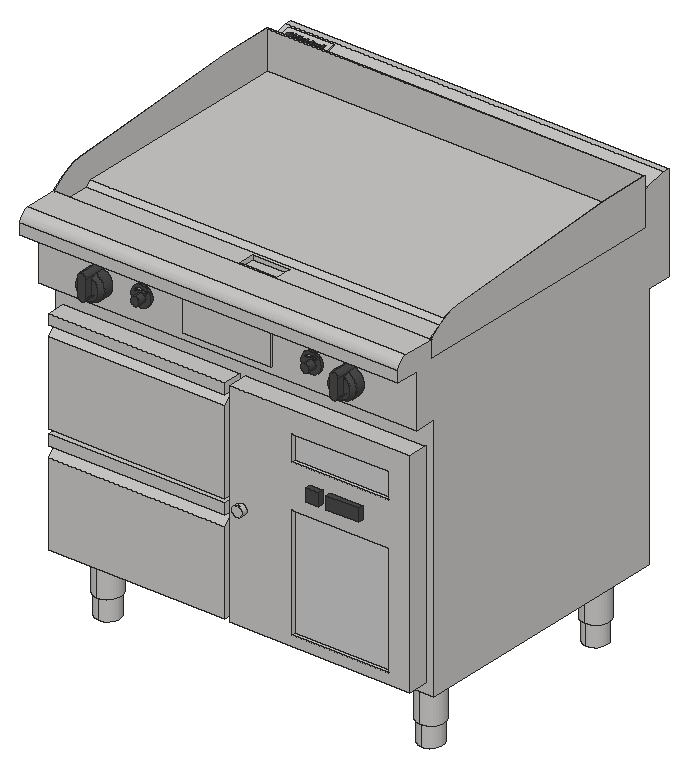
Revit family "QF_MOFFAT WALDORF_GPL8900G-RB", category Specialty Equipment, Revit 2012
Parameters
  Weight in Pounds = 440.924  # constant formula
  Width [instance] = 900.00 mm  # constant formula
  Watts = 250 W
  Volts = 240 V
  URL Cutsheet = "www.moffat.com"
  URL = "www.moffat.com"
  Type Mark [instance] = ""
  Status [instance] = ""
  Specification by User [instance] = ""
  Specification by Manufacturer = ""
  Show Logo [instance] = yes
  Show Door [instance] = no
  Show Clearance [instance] = yes
  Show Casters [instance] = no
  Serial Number = ""
  Seismic Rating = ""
  SMACNA No = ""
  Revision Code [instance] = ""
  Refrigerant Type = "R134a"
  Phase = 1
  Omniclass Number and Title = ""
  Number of Poles = 1
  NAFEM Spec ID Number = ""
  Model = "GPL8900G-RB"
  Min Ckt Ampacity = 0 A
  Mechanical Remarks = ""
  Mechanical Connection Type = ""
  Max Overcurrent Protection = 0 A
  Masterspec = ""
  Manufacturer = "MOFFAT WALDORF"
  Legs [instance] = not(Show Casters)  # yes
  Item Number [instance] = ""
  Installed By [instance] = ""
  Identify Quantity as Lot [instance] = yes
  Height = 970.00 mm  # constant formula
  HP = ""
  Gas Size = 3/4"
  Gas RI Height = 0.00 mm
  Gas KW = 22.2
  Gas Input = 75825.0 Btu/h
  Gas Connection Height = 0.00 mm
  Furnished By [instance] = ""
  Foodservice Equipment Identifier [instance] = yes
  FL Amps = 1.8 A
  Elec Conn RI Height = 0.00 mm
  Elec Conn Connection Height = 0.00 mm
  Drawer Clearance [instance] = and(Show Clearance, and(Drawer))  # yes
  Drawer [instance] = not(Show Door)  # yes
  Door Clearance [instance] = and(Show Clearance, and(Show Door))  # no
  Description = "GRIDDLE PLATE LOW SPLASHBACK GAS ON REFRIGERATED BASE"
  Depth [instance] = 805.00 mm  # constant formula
  Cycle = 50 Hz
  Conn Plug = ""
  Conn Conduit = yes
  CSI MasterFormat = ""
  CSI Master Format = ""
  Back Splash [instance] = 215.00 mm  # constant formula
  Apparent Power = if(Phase = 3, Volts * FL Amps * 1.73, Volts * FL Amps)  # 432 VA
Reference planes
  plane 1 "BACK": y = 0
  plane 2: z = 0
  plane 3 "LEFT": x = 0
  plane 4 "RIGHT": x = 900
  plane 5 "FRONT": y = -805
  plane 6 "TOP": z = 970
  plane 7 "Center Y": x = 450
  plane 8 "Center X": y = -402.5
  plane 9 "Base Height": z = 150
  plane 10: z = 915
  plane 11: x = 65
  plane 12: x = 834
  plane 13: y = -625
  plane 14: x = 770
  plane 15: z = 655
  plane 16: y = -32
  plane 17: z = 174
  plane 18: x = 617
  plane 19: z = 402
  plane 20: x = 881
  plane 21: x = 19
  plane 22: y = -135
Forms (mm)
  Extrusion 1, solid, material "QF_Finishes_Stainless Steel"
    sketch origin (0, 0, 0) x (0, 1, 0) y (0, 0, 1)
      loop
        line (-699, 150) -> (-59, 150) -> (-59, 740) -> (0, 740) -> (0, 970) -> (-15, 970) -> (-61.106, 957.646)
        arc (-61.106, 957.646) -> (-67.52, 953.36) -> (-70, 946.055) r 12
        line (-70, 946.055) -> (-70, 875) -> (-705, 875) -> (-705, 915) -> (-781, 915)
        arc (-781, 915) -> (-797.971, 907.971) -> (-805, 891) r 24
        line (-805, 891) -> (-805, 866) -> (-749, 866) -> (-749, 740) -> (-699, 740) -> (-699, 150)
    from 0 to 900
  Revolve 2, solid, material "QF_Finishes_Stainless Steel", visible <- "Legs"
    sketch origin (834, -245, 0) x (0, 1, 0) y (0, 0, -1)
      loop
        line (78.25, -150) -> (110, -150) -> (110, 0) -> (82.5, 0) -> (82.5, -50) -> (78.25, -50) -> (78.25, -150)
      axis (110, -150) -> (110, 0)
    angle from 0 to 360
  Revolve 3, solid, material "QF_Finishes_Stainless Steel"
    sketch origin (834, -735, 0) x (0, 1, 0) y (0, 0, -1)
      loop
        line (78.25, -150) -> (110, -150) -> (110, 0) -> (82.5, 0) -> (82.5, -50) -> (78.25, -50) -> (78.25, -150)
      axis (110, -150) -> (110, 0)
    angle from 0 to 360
  Revolve 4, solid, material "QF_Finishes_Stainless Steel", visible <- "Legs"
    sketch origin (65, -245, 0) x (0, 1, 0) y (0, 0, -1)
      loop
        line (78.25, -150) -> (110, -150) -> (110, 0) -> (82.5, 0) -> (82.5, -50) -> (78.25, -50) -> (78.25, -150)
      axis (110, -150) -> (110, 0)
    angle from 0 to 360
  Revolve 5, solid, material "QF_Finishes_Stainless Steel"
    sketch origin (65, -735, 0) x (0, 1, 0) y (0, 0, -1)
      loop
        line (78.25, -150) -> (110, -150) -> (110, 0) -> (82.5, 0) -> (82.5, -50) -> (78.25, -50) -> (78.25, -150)
      axis (110, -150) -> (110, 0)
    angle from 0 to 360
  Revolve 6, solid, material "QF_Finishes_Black"
    sketch origin (150, 0, 602.373) x (0, 1, 0) y (0, 0, -1)
      loop
        line (-782, -229.5) -> (-759, -229.5) -> (-759, -202) -> (-749, -202) -> (-749, -197) -> (-793, -197) -> (-793, -223.651) -> (-782, -229.5)
      axis (-793, -197) -> (-749, -197)
    angle from 0 to 360
  Extrusion 7, solid, material "QF_Finishes_Black"
    sketch origin (288.27, 0, 602.531) x (-1, 0, 0) y (0, 0, -1)
      loop
        arc (148.269, -184.969) -> (138.269, -174.969) -> (128.269, -184.969) r 10
        line (128.269, -184.969) -> (128.269, -223.969)
        arc (128.269, -223.969) -> (138.269, -233.969) -> (148.269, -223.969) r 10
        line (148.269, -223.969) -> (148.269, -184.969)
    from 759 to 808
  Extrusion 8, solid, material "QF_Finishes_Stainless Steel"
    sketch origin (-295, -749, 866) x (0, 0, -1) y (1, 0, 0)
      loop
        line (24, 640) -> (111, 640) -> (111, 850) -> (24, 850) -> (24, 640)
    from 0 to 2.5
  Extrusion 9, solid, material "QF_Finishes_Stainless Steel"
    sketch origin (-295, -751.5, 866) x (0, 0, -1) y (1, 0, 0)
      loop
        line (31, 850) -> (24, 850) -> (24, 640) -> (31, 640) -> (31, 850)
    from 0 to 5
  Extrusion 10, solid, material "QF_Finishes_Black"
    sketch origin (0, -749, 866) x (0, 0, -1) y (1, 0, 0)
      loop
        circle (66.25, 247.5) r 24
      loop
        arc (56.35, 262.413) -> (48.314, 247.625) -> (56.132, 232.719) r 17.868
        arc (56.132, 232.719) -> (56.612, 232.434) -> (57.127, 232.649) r 0.621
        arc (57.127, 232.649) -> (58.564, 235.208) -> (58.908, 238.122) r 7.495
        arc (58.908, 238.122) -> (58.704, 239.05) -> (58.256, 239.888) r 3.472
        arc (58.256, 239.888) -> (55.964, 247.351) -> (58.094, 254.862) r 13.786
        arc (58.094, 254.862) -> (58.734, 256.132) -> (58.999, 257.528) r 5.101
        arc (58.999, 257.528) -> (58.628, 260.047) -> (57.334, 262.239) r 6.611
        arc (57.334, 262.239) -> (56.872, 262.497) -> (56.35, 262.413) r 0.806
    from 0 to 5
  Extrusion 11, solid, material "QF_Finishes_Black"
    sketch origin (0, -754, 866) x (0, 0, -1) y (1, 0, 0)
      loop
        circle (69.75, 247.5) r 10
    from 0 to 18.251
  Extrusion 12, solid, material "QF_Finishes_Stainless Steel"
    sketch origin (0, -699, 685) x (1, 0, 0) y (0, -1, 0)
      loop
        circle (770, -667) r 13.5
    from -55 to 30
  Revolve 13, solid, material "QF_Finishes_Black"
    sketch origin (750, 0, 602.373) x (0, 1, 0) y (0, 0, 1)
      loop
        line (-782, 229.5) -> (-793, 223.651) -> (-793, 197) -> (-749, 197) -> (-749, 202) -> (-759, 202) -> (-759, 229.5) -> (-782, 229.5)
      axis (-793, 197) -> (-749, 197)
    angle from 0 to 360
  Extrusion 14, solid, material "QF_Finishes_Black"
    sketch origin (611.73, 0, 602.531) x (1, 0, 0) y (0, 0, 1)
      loop
        line (148.269, 184.969) -> (148.269, 223.969)
        arc (148.269, 223.969) -> (138.269, 233.969) -> (128.269, 223.969) r 10
        line (128.269, 223.969) -> (128.269, 184.969)
        arc (128.269, 184.969) -> (138.269, 174.969) -> (148.269, 184.969) r 10
    from 759 to 808
  Extrusion 15, solid, material "QF_Finishes_Black"
    sketch origin (900, -749, 866) x (0, 0, -1) y (1, 0, 0)
      loop
        circle (66.25, -247.5) r 24
      loop
        arc (56.35, -262.413) -> (56.872, -262.497) -> (57.334, -262.239) r 0.806
        arc (57.334, -262.239) -> (58.628, -260.047) -> (58.999, -257.528) r 6.611
        arc (58.999, -257.528) -> (58.734, -256.132) -> (58.094, -254.862) r 5.101
        arc (58.094, -254.862) -> (55.964, -247.351) -> (58.256, -239.888) r 13.786
        arc (58.256, -239.888) -> (58.704, -239.05) -> (58.908, -238.122) r 3.472
        arc (58.908, -238.122) -> (58.564, -235.208) -> (57.127, -232.649) r 7.495
        arc (57.127, -232.649) -> (56.612, -232.434) -> (56.132, -232.719) r 0.621
        arc (56.132, -232.719) -> (48.314, -247.625) -> (56.35, -262.413) r 17.868
    from 0 to 5
  Extrusion 16, solid, material "QF_Finishes_Black"
    sketch origin (900, -754, 866) x (0, 0, -1) y (1, 0, 0)
      loop
        circle (69.75, -247.5) r 10
    from 0 to 18.251
  Extrusion 17, solid, material "QF_Finishes_Stainless Steel"
    sketch origin (0, -699, 685) x (0, 0, 1) y (-1, 0, 0)
      loop
        line (-7, -881) -> (-7, -453) -> (-511, -453) -> (-511, -881) -> (-7, -881)
      loop
        line (-486, -831) -> (-221, -831) -> (-221, -601) -> (-486, -601) -> (-486, -831)
      loop
        line (-57, -831) -> (-57, -601) -> (-117, -601) -> (-117, -831) -> (-57, -831)
    from 0 to 48
  Extrusion 18, solid, material "QF_Finishes_Vents"
    sketch origin (0, -699, 685) x (0, 0, 1) y (-1, 0, 0)
      loop
        line (-117, -601) -> (-117, -831) -> (-57, -831) -> (-57, -601) -> (-117, -601)
      loop
        line (-221, -601) -> (-486, -601) -> (-486, -831) -> (-221, -831) -> (-221, -601)
    from 38.919 to 0
  Extrusion 19, solid, material "QF_Finishes_Black"
    sketch origin (0, -747, 685) x (0, 0, 1) y (-1, 0, 0)
      loop
        line (-151.46, -644.926) -> (-181.46, -644.926) -> (-181.46, -674.926) -> (-151.46, -674.926) -> (-151.46, -644.926)
      loop
        line (-151.46, -692.503) -> (-181.46, -692.503) -> (-181.46, -770.815) -> (-151.46, -770.815) -> (-151.46, -692.503)
    from 0 to 12.7
  Extrusion 20, solid, material "QF_Finishes_Stainless Steel"
    sketch origin (0, -747, 685) x (0, 0, 1) y (-1, 0, 0)
      loop
        circle (-260.229, -480.856) r 12.395
    from 0 to 12.7
  Extrusion 21, solid, material "QF_Finishes_Stainless Steel"
    sketch origin (0, -59, 685) x (0, 0, 1) y (1, 0, 0)
      loop
        circle (-283, 617) r 13.5
    from 0 to 3.18
Cuts and joins
  joined: Extrusion 8, Extrusion 9
Lines and regions (mm)
  Split face 1
    outline origin (12.5, -17.878, 969.229) x (0, -0.965926, -0.258819) y (1, 0, 0)
      loop
        line (2.411, 151.462) -> (37.194, 151.462) -> (37.194, 169.241) -> (2.411, 169.241) -> (2.411, 151.462)
  Split face 2
    outline origin (66.25, -17.878, 969.229) x (0, -0.965926, -0.258819) y (1, 0, 0)
      loop
        line (2.411, 151.462) -> (37.194, 151.462) -> (37.194, 169.241) -> (2.411, 169.241) -> (2.411, 151.462)
  Split face 3
    outline origin (120, -17.878, 969.229) x (0, -0.965926, -0.258819) y (1, 0, 0)
      loop
        line (2.411, 151.462) -> (37.194, 151.462) -> (37.194, 169.241) -> (2.411, 169.241) -> (2.411, 151.462)
  Split face 4
    outline origin (-121.25, -17.878, 969.229) x (0, -0.965926, -0.258819) y (1, 0, 0)
      loop
        line (2.411, 451.462) -> (37.194, 451.462) -> (37.194, 469.241) -> (2.411, 469.241) -> (2.411, 451.462)
  Split face 5
    outline origin (-67.5, -17.878, 969.229) x (0, -0.965926, -0.258819) y (1, 0, 0)
      loop
        line (2.411, 451.462) -> (37.194, 451.462) -> (37.194, 469.241) -> (2.411, 469.241) -> (2.411, 451.462)
  Split face 6
    outline origin (-13.75, -17.878, 969.229) x (0, -0.965926, -0.258819) y (1, 0, 0)
      loop
        line (2.411, 451.462) -> (37.194, 451.462) -> (37.194, 469.241) -> (2.411, 469.241) -> (2.411, 451.462)
  Split face 7
    outline origin (40, -17.878, 969.229) x (0, -0.965926, -0.258819) y (1, 0, 0)
      loop
        line (2.411, 451.462) -> (37.194, 451.462) -> (37.194, 469.241) -> (2.411, 469.241) -> (2.411, 451.462)
  Split face 8
    outline origin (95, -17.878, 969.229) x (0, -0.965926, -0.258819) y (1, 0, 0)
      loop
        line (2.411, 451.462) -> (37.194, 451.462) -> (37.194, 469.241) -> (2.411, 469.241) -> (2.411, 451.462)
  Split face 9
    outline origin (148.257, -17.878, 969.229) x (0, -0.965926, -0.258819) y (1, 0, 0)
      loop
        line (2.411, 451.462) -> (37.194, 451.462) -> (37.194, 469.241) -> (2.411, 469.241) -> (2.411, 451.462)
  Split face 10
    outline origin (203.257, -17.878, 969.229) x (0, -0.965926, -0.258819) y (1, 0, 0)
      loop
        line (2.411, 451.462) -> (37.194, 451.462) -> (37.194, 469.241) -> (2.411, 469.241) -> (2.411, 451.462)
  Split face 11
    outline origin (256.727, -17.878, 969.229) x (0, -0.965926, -0.258819) y (1, 0, 0)
      loop
        line (2.411, 451.462) -> (37.194, 451.462) -> (37.194, 469.241) -> (2.411, 469.241) -> (2.411, 451.462)
  symbolic lines
    curve 1: line (0, 0, 0) -> (0, -805, 0)
    curve 2: line (900, 0, 0) -> (0, 0, 0)
    curve 3: line (900, -805, 0) -> (900, 0, 0)
    curve 4: line (0, -70, 0) -> (900, -70, 0)
    curve 5: line (0, -805, 0) -> (900, -805, 0)
    curve 6: line (12.5, -20.958, 0) -> (121.5, -20.958, 0)
    curve 7: line (12.5, -51.234, 0) -> (12.5, -20.958, 0)
    curve 8: line (121.5, -20.958, 0) -> (121.5, -51.234, 0)
    curve 9: line (12.5, -51.234, 0) -> (121.5, -51.234, 0)
    curve 10: line (181.741, -20.207, 0) -> (181.741, -53.804, 0)
    curve 11: line (181.741, -53.804, 0) -> (163.962, -53.804, 0)
    curve 12: line (163.962, -53.804, 0) -> (163.962, -20.207, 0)
    curve 13: line (163.962, -20.207, 0) -> (181.741, -20.207, 0)
    curve 14: line (217.712, -53.804, 0) -> (217.712, -20.207, 0)
    curve 15: line (217.712, -20.207, 0) -> (235.491, -20.207, 0)
    curve 16: line (235.491, -20.207, 0) -> (235.491, -53.804, 0)
    curve 17: line (235.491, -53.804, 0) -> (217.712, -53.804, 0)
    curve 18: line (289.241, -53.804, 0) -> (271.462, -53.804, 0)
    curve 19: line (271.462, -53.804, 0) -> (271.462, -20.207, 0)
    curve 20: line (271.462, -20.207, 0) -> (289.241, -20.207, 0)
    curve 21: line (289.241, -20.207, 0) -> (289.241, -53.804, 0)
    curve 22: line (347.991, -53.804, 0) -> (330.212, -53.804, 0)
    curve 23: line (330.212, -53.804, 0) -> (330.212, -20.207, 0)
    curve 24: line (330.212, -20.207, 0) -> (347.991, -20.207, 0)
    curve 25: line (347.991, -20.207, 0) -> (347.991, -53.804, 0)
    curve 26: line (401.741, -53.804, 0) -> (383.962, -53.804, 0)
    curve 27: line (383.962, -53.804, 0) -> (383.962, -20.207, 0)
    curve 28: line (383.962, -20.207, 0) -> (401.741, -20.207, 0)
    curve 29: line (401.741, -20.207, 0) -> (401.741, -53.804, 0)
    curve 30: line (455.491, -20.207, 0) -> (437.712, -20.207, 0)
    curve 31: line (437.712, -20.207, 0) -> (437.712, -53.804, 0)
    curve 32: line (437.712, -53.804, 0) -> (455.491, -53.804, 0)
    curve 33: line (455.491, -53.804, 0) -> (455.491, -20.207, 0)
    curve 34: line (491.462, -20.207, 0) -> (509.241, -20.207, 0)
    curve 35: line (509.241, -20.207, 0) -> (509.241, -53.804, 0)
    curve 36: line (509.241, -53.804, 0) -> (491.462, -53.804, 0)
    curve 37: line (491.462, -53.804, 0) -> (491.462, -20.207, 0)
    curve 38: line (546.462, -20.207, 0) -> (564.241, -20.207, 0)
    curve 39: line (564.241, -20.207, 0) -> (564.241, -53.804, 0)
    curve 40: line (564.241, -53.804, 0) -> (546.462, -53.804, 0)
    curve 41: line (546.462, -53.804, 0) -> (546.462, -20.207, 0)
    curve 42: line (617.498, -20.207, 0) -> (599.719, -20.207, 0)
    curve 43: line (599.719, -20.207, 0) -> (599.719, -53.804, 0)
    curve 44: line (599.719, -53.804, 0) -> (617.498, -53.804, 0)
    curve 45: line (617.498, -53.804, 0) -> (617.498, -20.207, 0)
    curve 46: line (672.498, -20.207, 0) -> (654.719, -20.207, 0)
    curve 47: line (654.719, -20.207, 0) -> (654.719, -53.804, 0)
    curve 48: line (654.719, -53.804, 0) -> (672.498, -53.804, 0)
    curve 49: line (672.498, -53.804, 0) -> (672.498, -20.207, 0)
    curve 50: line (725.968, -20.207, 0) -> (725.968, -53.804, 0)
    curve 51: line (725.968, -53.804, 0) -> (708.189, -53.804, 0)
    curve 52: line (708.189, -53.804, 0) -> (708.189, -20.207, 0)
    curve 53: line (708.189, -20.207, 0) -> (725.968, -20.207, 0)
Dimensions and locks
  equal spacing: plane 3 "LEFT", plane 7 "Center Y", plane 4 "RIGHT"
  "Width": plane 3 "LEFT" to plane 4 "RIGHT"
  equal spacing: plane 5 "FRONT", plane 8 "Center X", plane 1 "BACK"
  "Depth": plane 5 "FRONT" to plane 1 "BACK"
  locked: plane 10 to level at 915
  locked: plane 9 "Base Height" to level at 150
  plane 6 "TOP" to plane 10 = 55.00 mm
  plane 12 to plane 11 = 769.00 mm
  "Height": plane 6 "TOP" to level
  plane 14 to plane 4 "RIGHT" = 130.00 mm
  plane 15 to level = 655.00 mm
  plane 16 to plane 1 "BACK" = 32.00 mm
  plane 18 to plane 4 "RIGHT" = 283.00 mm
  plane 19 to level = 402.00 mm
  plane 13 to plane 22 = 490.00 mm
  aligned and locked: level to plane 2
Automatic sketch dimensions
  plane 1 "BACK" to curve 1 = 0.00 mm
  curve 1 to plane 3 "LEFT" = 0.00 mm
  curve 2 to plane 4 "RIGHT" = 0.00 mm
  plane 5 "FRONT" to curve 1 = 0.00 mm
  plane 3 "LEFT" to curve 9 = 12.50 mm
  curve 9 to plane 16 = 19.234 mm
  plane 11 to curve 9 = 56.50 mm
  plane 16 to curve 12 = 11.793 mm
  curve 6 to curve 12 = 42.462 mm
  curve 12 to curve 10 = 17.779 mm
  plane 16 to curve 15 = 11.793 mm
  curve 10 to curve 15 = 35.971 mm
  curve 14 to curve 17 = 17.779 mm
  curve 4 to curve 7 = 18.766 mm
  curve 17 to plane 16 = 21.804 mm
  curve 12 to plane 16 = 21.804 mm
  plane 16 to curve 8 = 11.042 mm
  Revolve 2 sketch curve to plane 9 "Base Height" = 0.00 mm
  Revolve 2 sketch curve to level = 0.00 mm
  level to Revolve 2 sketch curve = 50.00 mm
  Revolve 2 sketch curve to Revolve 2 sketch curve = 0.00 mm
  Revolve 2 sketch curve to Revolve 2 sketch curve = 55.00 mm
  Revolve 3 sketch curve to plane 9 "Base Height" = 0.00 mm
  Revolve 3 sketch curve to level = 0.00 mm
  Revolve 3 sketch curve to plane 13 = 0.00 mm  (x2)
  Revolve 3 sketch curve to plane 13 = 27.50 mm
  Revolve 3 sketch curve to plane 13 = 31.75 mm
  level to Revolve 3 sketch curve = 50.00 mm
  Revolve 3 sketch curve to Revolve 3 sketch curve = 0.00 mm
  Revolve 3 sketch curve to Revolve 3 sketch curve = 55.00 mm
  Revolve 4 sketch curve to plane 9 "Base Height" = 0.00 mm
  Revolve 4 sketch curve to level = 0.00 mm
  level to Revolve 4 sketch curve = 50.00 mm
  Revolve 4 sketch curve to Revolve 4 sketch curve = 0.00 mm
  Revolve 4 sketch curve to Revolve 4 sketch curve = 55.00 mm
  Revolve 5 sketch curve to plane 9 "Base Height" = 0.00 mm
  Revolve 5 sketch curve to level = 0.00 mm
  Revolve 5 sketch curve to plane 13 = 0.00 mm  (x2)
  Revolve 5 sketch curve to plane 13 = 27.50 mm
  Revolve 5 sketch curve to plane 13 = 31.75 mm
  level to Revolve 5 sketch curve = 50.00 mm
  Revolve 5 sketch curve to Revolve 5 sketch curve = 0.00 mm
  Revolve 5 sketch curve to Revolve 5 sketch curve = 55.00 mm
  Extrusion 1 to Split face 1 sketch curve = 5.391 mm
  Split face 1 sketch curve to Extrusion 1 = 7.559 mm
  Split face 1 sketch curve to Extrusion 1 = 163.962 mm
  Split face 1 sketch curve to Split face 1 sketch curve = 17.779 mm
  Extrusion 1 to Split face 2 sketch curve = 5.391 mm
  Split face 2 sketch curve to Extrusion 1 = 7.559 mm
  Split face 2 sketch curve to Extrusion 1 = 217.712 mm
  Split face 2 sketch curve to Split face 2 sketch curve = 17.779 mm
  Extrusion 1 to Split face 3 sketch curve = 5.391 mm
  Split face 3 sketch curve to Extrusion 1 = 7.559 mm
  Split face 3 sketch curve to Extrusion 1 = 271.462 mm
  Split face 3 sketch curve to Split face 3 sketch curve = 17.779 mm
  Extrusion 1 to Split face 4 sketch curve = 5.391 mm
  Split face 4 sketch curve to Extrusion 1 = 7.559 mm
  Split face 4 sketch curve to Extrusion 1 = 330.212 mm
  Split face 4 sketch curve to Split face 4 sketch curve = 17.779 mm
  Extrusion 1 to Split face 5 sketch curve = 5.391 mm
  Split face 5 sketch curve to Extrusion 1 = 7.559 mm
  Split face 5 sketch curve to Extrusion 1 = 383.962 mm
  Split face 5 sketch curve to Split face 5 sketch curve = 17.779 mm
  Extrusion 1 to Split face 6 sketch curve = 5.391 mm
  Split face 6 sketch curve to Extrusion 1 = 7.559 mm
  Split face 6 sketch curve to Extrusion 1 = 437.712 mm
  Split face 6 sketch curve to Split face 6 sketch curve = 17.779 mm
  Extrusion 1 to Split face 7 sketch curve = 5.391 mm
  Split face 7 sketch curve to Extrusion 1 = 7.559 mm
  Split face 7 sketch curve to Extrusion 1 = 408.538 mm
  Split face 7 sketch curve to Split face 7 sketch curve = 17.779 mm
  Revolve 6 sketch curve to plane 5 "FRONT" = 12.00 mm
  Revolve 6 sketch curve to Revolve 6 sketch curve = 0.00 mm  (x2)
  Revolve 6 sketch curve to Revolve 6 sketch curve = 11.00 mm
  Revolve 6 sketch curve to Revolve 6 sketch curve = 12.70 mm
  Revolve 6 sketch curve to Revolve 6 sketch curve = 23.00 mm
  Revolve 6 sketch curve to Revolve 6 sketch curve = 10.00 mm
  Revolve 6 sketch curve to plane 10 = 83.127 mm
  Revolve 6 sketch curve to Revolve 6 sketch curve = 5.849 mm
  Revolve 6 sketch curve to Revolve 6 sketch curve = 27.50 mm
  Revolve 6 sketch curve to Revolve 6 sketch curve = 5.00 mm
  plane 11 to Extrusion 7 sketch curve = 95.001 mm
  Extrusion 7 sketch curve to Extrusion 7 sketch curve = 10.00 mm
  Extrusion 7 sketch curve to plane 10 = 88.50 mm
  Extrusion 7 sketch curve to Extrusion 7 sketch curve = 39.00 mm
  Extrusion 1 to Extrusion 8 sketch curve = 24.00 mm
  Extrusion 8 sketch curve to Extrusion 1 = 15.00 mm
  Extrusion 1 to Extrusion 8 sketch curve = 345.00 mm
  Extrusion 8 sketch curve to Extrusion 8 sketch curve = 210.00 mm
  Extrusion 9 sketch curve to Extrusion 8 = 0.00 mm  (x2)
  Extrusion 8 to Extrusion 9 sketch curve = 0.00 mm
  Extrusion 9 sketch curve to Extrusion 8 = 7.00 mm
  Extrusion 1 to Extrusion 10 sketch curve = 51.437 mm
  Extrusion 10 sketch curve to Extrusion 10 sketch curve = 0.958 mm
  Extrusion 10 sketch curve to Extrusion 10 sketch curve = 1.509 mm
  Extrusion 10 sketch curve to Extrusion 10 sketch curve = 4.01 mm
  Extrusion 10 sketch curve to Extrusion 10 sketch curve = 0.685 mm
  Extrusion 10 sketch curve to Extrusion 10 sketch curve = 2.447 mm
  Extrusion 10 sketch curve to Extrusion 10 sketch curve = 0.524 mm
  Extrusion 10 sketch curve to Extrusion 10 sketch curve = 0.381 mm
  Extrusion 10 sketch curve to Extrusion 10 sketch curve = 0.472 mm
  Extrusion 10 sketch curve to Extrusion 10 sketch curve = 0.00 mm  (x5)
  Extrusion 10 sketch curve to Extrusion 10 sketch curve = 0.602 mm
  Extrusion 10 sketch curve to Extrusion 10 sketch curve = 4.19 mm
  Extrusion 10 sketch curve to Extrusion 10 sketch curve = 2.809 mm
  Extrusion 10 sketch curve to Extrusion 10 sketch curve = 0.652 mm
  Extrusion 10 sketch curve to Extrusion 10 sketch curve = 0.905 mm
  Extrusion 10 sketch curve to Extrusion 10 sketch curve = 8.087 mm
  Extrusion 10 sketch curve to Extrusion 10 sketch curve = 0.069 mm
  Extrusion 10 sketch curve to Extrusion 10 sketch curve = 3.50 mm
  Extrusion 1 to Extrusion 10 sketch curve = 232.649 mm
  Extrusion 10 sketch curve to Extrusion 10 sketch curve = 0.07 mm
  Extrusion 10 sketch curve to Extrusion 10 sketch curve = 7.606 mm
  Extrusion 10 sketch curve to Extrusion 10 sketch curve = 0.007 mm
  Revolve 13 sketch curve to plane 5 "FRONT" = 12.00 mm
  Revolve 13 sketch curve to Revolve 13 sketch curve = 0.00 mm  (x2)
  Revolve 13 sketch curve to Revolve 13 sketch curve = 11.00 mm
  Revolve 13 sketch curve to Revolve 13 sketch curve = 12.70 mm
  Revolve 13 sketch curve to Revolve 13 sketch curve = 23.00 mm
  Revolve 13 sketch curve to Revolve 13 sketch curve = 10.00 mm
  Revolve 13 sketch curve to plane 10 = 115.627 mm
  Revolve 13 sketch curve to Revolve 13 sketch curve = 5.00 mm
  Revolve 13 sketch curve to Revolve 13 sketch curve = 26.651 mm
  Revolve 13 sketch curve to Revolve 13 sketch curve = 5.849 mm
  Extrusion 14 sketch curve to plane 14 = 30.001 mm
  Extrusion 14 sketch curve to Extrusion 14 sketch curve = 10.00 mm
  Extrusion 14 sketch curve to plane 10 = 127.50 mm
  Extrusion 14 sketch curve to Extrusion 14 sketch curve = 39.00 mm
  Extrusion 1 to Extrusion 15 sketch curve = 51.437 mm
  Extrusion 15 sketch curve to Extrusion 15 sketch curve = 0.958 mm
  Extrusion 15 sketch curve to Extrusion 15 sketch curve = 1.509 mm
  Extrusion 15 sketch curve to Extrusion 15 sketch curve = 4.01 mm
  Extrusion 15 sketch curve to Extrusion 15 sketch curve = 0.685 mm
  Extrusion 15 sketch curve to Extrusion 15 sketch curve = 2.447 mm
  Extrusion 15 sketch curve to Extrusion 15 sketch curve = 0.524 mm
  Extrusion 15 sketch curve to Extrusion 15 sketch curve = 0.381 mm
  Extrusion 15 sketch curve to Extrusion 15 sketch curve = 0.472 mm
  Extrusion 15 sketch curve to Extrusion 15 sketch curve = 0.00 mm  (x5)
  Extrusion 15 sketch curve to Extrusion 15 sketch curve = 0.602 mm
  Extrusion 15 sketch curve to Extrusion 15 sketch curve = 4.19 mm
  Extrusion 15 sketch curve to Extrusion 15 sketch curve = 2.809 mm
  Extrusion 15 sketch curve to Extrusion 15 sketch curve = 0.652 mm
  Extrusion 15 sketch curve to Extrusion 15 sketch curve = 0.905 mm
  Extrusion 15 sketch curve to Extrusion 15 sketch curve = 8.087 mm
  Extrusion 15 sketch curve to Extrusion 15 sketch curve = 0.069 mm
  Extrusion 15 sketch curve to Extrusion 15 sketch curve = 3.50 mm
  Extrusion 1 to Extrusion 15 sketch curve = 262.413 mm
  Extrusion 15 sketch curve to Extrusion 15 sketch curve = 0.175 mm
  Extrusion 15 sketch curve to Extrusion 15 sketch curve = 7.362 mm
  Extrusion 15 sketch curve to Extrusion 15 sketch curve = 0.007 mm
  Extrusion 1 to Split face 8 sketch curve = 5.391 mm
  Split face 8 sketch curve to Extrusion 1 = 7.559 mm
  Split face 8 sketch curve to Extrusion 1 = 353.538 mm
  Split face 8 sketch curve to Split face 8 sketch curve = 17.779 mm
  Extrusion 1 to Split face 9 sketch curve = 5.391 mm
  Split face 9 sketch curve to Extrusion 1 = 7.559 mm
  Split face 9 sketch curve to Extrusion 1 = 300.281 mm
  Split face 9 sketch curve to Split face 9 sketch curve = 17.779 mm
  Extrusion 1 to Split face 10 sketch curve = 5.391 mm
  Split face 10 sketch curve to Extrusion 1 = 7.559 mm
  Split face 10 sketch curve to Extrusion 1 = 245.281 mm
  Split face 10 sketch curve to Split face 10 sketch curve = 17.779 mm
  Extrusion 1 to Split face 11 sketch curve = 5.391 mm
  Split face 11 sketch curve to Extrusion 1 = 7.559 mm
  Split face 11 sketch curve to Extrusion 1 = 191.811 mm
  Split face 11 sketch curve to Split face 11 sketch curve = 17.779 mm
  plane 16 to curve 19 = 11.793 mm
  curve 15 to curve 19 = 35.971 mm
  curve 18 to curve 18 = 17.779 mm
  curve 18 to plane 16 = 21.804 mm
  plane 16 to curve 24 = 11.793 mm
  curve 20 to curve 24 = 40.971 mm
  curve 22 to curve 22 = 17.779 mm
  curve 22 to plane 16 = 21.804 mm
  plane 16 to curve 28 = 11.793 mm
  curve 24 to curve 28 = 35.971 mm
  curve 26 to curve 26 = 17.779 mm
  curve 26 to plane 16 = 21.804 mm
  curve 32 to plane 7 "Center Y" = 12.288 mm
  plane 7 "Center Y" to curve 30 = 5.491 mm
  curve 32 to plane 16 = 21.804 mm
  plane 16 to curve 33 = 11.793 mm
  curve 32 to curve 36 = 35.971 mm
  curve 36 to curve 36 = 17.779 mm
  curve 36 to plane 16 = 21.804 mm
  plane 16 to curve 37 = 11.793 mm
  curve 35 to curve 40 = 37.221 mm
  curve 40 to curve 40 = 17.779 mm
  curve 40 to plane 16 = 21.804 mm
  plane 16 to curve 41 = 11.793 mm
  plane 16 to curve 42 = 11.793 mm
  curve 38 to curve 42 = 35.478 mm
  curve 42 to curve 42 = 17.779 mm
  curve 44 to plane 16 = 21.804 mm
  plane 16 to curve 46 = 11.793 mm
  curve 42 to curve 46 = 37.221 mm
  curve 46 to curve 46 = 17.779 mm
  curve 48 to plane 16 = 21.804 mm
  curve 48 to curve 51 = 35.691 mm
  curve 51 to curve 50 = 17.779 mm
  curve 51 to plane 16 = 21.804 mm
  plane 16 to curve 52 = 11.793 mm
  Extrusion 1 sketch curve to plane 5 "FRONT" = 0.00 mm
  Extrusion 1 sketch curve to plane 10 = 0.00 mm
  Extrusion 1 sketch curve to plane 6 "TOP" = 0.00 mm
  Extrusion 1 sketch curve to plane 5 "FRONT" = 24.00 mm
  Extrusion 1 sketch curve to Extrusion 1 sketch curve = 32.00 mm
  Extrusion 1 sketch curve to Extrusion 1 sketch curve = 44.00 mm
  Extrusion 1 sketch curve to Extrusion 1 sketch curve = 8.894 mm
  Extrusion 1 sketch curve to Extrusion 1 sketch curve = 3.106 mm
  Extrusion 1 sketch curve to Extrusion 1 sketch curve = 15.00 mm
  plane 15 to Extrusion 1 sketch curve = 85.00 mm  (x2)
  Extrusion 1 sketch curve to Extrusion 1 sketch curve = 25.00 mm
  Extrusion 1 sketch curve to plane 10 = 40.00 mm
  Extrusion 1 sketch curve to plane 6 "TOP" = 23.945 mm
  Extrusion 12 sketch curve to plane 14 = 0.00 mm
  Extrusion 12 sketch curve to plane 16 = 0.00 mm
  Extrusion 1 sketch curve to Extrusion 1 sketch curve = 50.00 mm
  Extrusion 1 to Extrusion 17 sketch curve = 24.00 mm
  Extrusion 1 to Extrusion 17 sketch curve = 49.00 mm
  Extrusion 1 to Extrusion 17 sketch curve = 69.00 mm  (x2)
  Extrusion 17 sketch curve to Extrusion 17 sketch curve = 265.00 mm
  Extrusion 17 sketch curve to Extrusion 17 sketch curve = 104.00 mm
  Extrusion 17 sketch curve to Extrusion 17 sketch curve = 60.00 mm
  Extrusion 1 to Extrusion 17 sketch curve = 62.00 mm
  Extrusion 1 to Extrusion 17 sketch curve = 19.00 mm
  Extrusion 17 sketch curve to Extrusion 17 sketch curve = 230.00 mm  (x2)
  Extrusion 17 sketch curve to Extrusion 17 sketch curve = 148.00 mm
  Extrusion 17 to Extrusion 20 sketch curve = 39.229 mm
  Extrusion 20 sketch curve to Extrusion 17 = 27.856 mm
  Extrusion 19 sketch curve to Extrusion 17 = 39.54 mm  (x2)
  Extrusion 19 sketch curve to Extrusion 19 sketch curve = 30.00 mm  (x3)
  Extrusion 17 to Extrusion 19 sketch curve = 60.185 mm
  Extrusion 19 sketch curve to Extrusion 19 sketch curve = 78.312 mm
  Extrusion 19 sketch curve to Extrusion 19 sketch curve = 17.577 mm
  Extrusion 1 to Extrusion 18 sketch curve = 49.00 mm
  Extrusion 1 to Extrusion 18 sketch curve = 69.00 mm  (x2)
  Extrusion 18 sketch curve to Extrusion 18 sketch curve = 265.00 mm
  Extrusion 18 sketch curve to Extrusion 18 sketch curve = 104.00 mm
  Extrusion 18 sketch curve to Extrusion 18 sketch curve = 60.00 mm
  Extrusion 18 sketch curve to Extrusion 18 sketch curve = 230.00 mm
  Extrusion 18 sketch curve to Extrusion 18 sketch curve = 0.00 mm
  Extrusion 1 sketch curve to plane 9 "Base Height" = 0.00 mm
  Extrusion 1 sketch curve to plane 1 "BACK" = 0.00 mm
  Extrusion 1 to Extrusion 21 sketch curve = 252.00 mm
  Extrusion 1 to Extrusion 21 sketch curve = 283.00 mm
  Extrusion 1 sketch curve to plane 16 = 38.00 mm
  Extrusion 1 sketch curve to plane 16 = 27.00 mm
  Revolve 2 sketch curve to plane 16 = 134.75 mm
  Revolve 2 sketch curve to Revolve 2 sketch curve = 4.25 mm
  Revolve 2 sketch curve to Revolve 2 sketch curve = 27.50 mm  (x2)
  Revolve 4 sketch curve to plane 16 = 134.75 mm
  Revolve 4 sketch curve to Revolve 4 sketch curve = 4.25 mm
  Revolve 4 sketch curve to Revolve 4 sketch curve = 27.50 mm  (x2)
  radius of Extrusion 10 sketch curve = 24.00 mm
  radius of Extrusion 11 sketch curve to Extrusion 10 = 3.786 mm
  radius of Extrusion 12 sketch curve = 13.50 mm
  radius of Extrusion 15 sketch curve = 24.00 mm
  radius of Extrusion 16 sketch curve to Extrusion 15 = 3.786 mm
  radius of Extrusion 20 sketch curve = 12.395 mm
  radius of Extrusion 21 sketch curve = 13.50 mm
Nested families
  nested 1: "GPL8900G-RB-CASTERS" at (65, -162.5, 0), Show Casters <- "Show Casters", visible <- "Show Casters", type "GPL8900G-RB-CASTERS"
    with Type Mark "", Status "", Specification by User "", Show Casters no, Revision Code "", Item Number "", Installed By "", Identify Quantity as Lot yes, Furnished By "", Foodservice Equipment Identifier yes
  nested 2: "GPL8900G-RB-CASTERS" at (835, -162.5, 0), Show Casters <- "Show Casters", visible <- "Show Casters", type "GPL8900G-RB-CASTERS"
    with Type Mark "", Status "", Specification by User "", Show Casters no, Revision Code "", Item Number "", Installed By "", Identify Quantity as Lot yes, Furnished By "", Foodservice Equipment Identifier yes
  nested 3: "GAS GRIDDLE PLATE" at (0, -70, 874.5), type "GAS GRIDDLE PLATE"
    with Type Mark "", Status "", Specification by User "", Show Clearance yes, Revision Code "", Item Number "", Installed By "", Identify Quantity as Lot yes, Furnished By "", Foodservice Equipment Identifier yes
  nested 4: "GP8900G-RB-DOOR AND DRAWER" at (19, -699, 174), Show Door <- "Show Door", Show Drawer <- "Drawer", Drawer Clearance <- "Drawer Clearance", Door Clearance <- "Door Clearance", type "GP8900G-RB-DOOR AND DRAWER"
    with Type Mark "", Status "", Specification by User "", Show Drawer yes, Show Door no, Revision Code "", Item Number "", Installed By "", Identify Quantity as Lot yes, Furnished By "", Foodservice Equipment Identifier yes, Drawer Clearance yes, Door Clearance no
  nested 5: "WALDORF LOGO_FACE BASE" at (12.5, -21.716, 968.2) x (1, 0, 0) z (0, -0.2588, 0.9659), visible <- "Show Logo", type "WALDORF LOGO_FACE BASE", detail levels medium+fine
    with Show Logo yes
Connectors
  piping at (770, -32, 655)
    settings: on Extrusion 12, index 1, connector radius 0.37402", flow factor 0, pipe flow 0 GPM, pressure drop 0.00 psi, fitting loss kfactor 0, connector angle 0.00°, fixture units 0, engagement length 0.00 mm, flow configuration 1, flow direction 1, fitting loss method 0, system type 7, joint type 0, gender type 0, connector reference index -1, connector utility 0, adjustable connector no, is connector primary yes, fitting loss table "", connector description "GAS CONNECTION"
  electrical at (617, -55.82, 402), driven by "Volts", driven by "Watts"
    settings: on Extrusion 21, index 2, voltage 240 V, apparent load 250 VA, apparent load phase1 0 VA, apparent load phase2 0 VA, apparent load phase3 0 VA, power factor 1, load classification "Other", number of poles 1, system type 30, power factor state 1, is connector primary yes, connector utility no, sub classification motor no, connector description "ELECTRICAL CONNECTION"
Definition of nested family "GAS GRIDDLE PLATE"
  Parameters (values of type "GAS GRIDDLE PLATE")
    Weight in Pounds = 0
    URL Cutsheet = ""
    Type Mark [instance] = ""
    Status [instance] = ""
    Specification by User [instance] = ""
    Specification by Manufacturer = ""
    Show Clearance [instance] = yes
    Serial Number = ""
    Seismic Rating = ""
    SMACNA No = ""
    Revision Code [instance] = ""
    Omniclass Number and Title = ""
    NAFEM Spec ID Number = ""
    Masterspec = ""
    Item Number [instance] = ""
    Installed By [instance] = ""
    Identify Quantity as Lot [instance] = yes
    Furnished By [instance] = ""
    Foodservice Equipment Identifier [instance] = yes
    CSI MasterFormat = ""
    CSI Master Format = ""
  Reference planes
    plane 1 "BACK": y = 0
    plane 2: z = 0
    plane 3 "LEFT": x = 0
    plane 4 "RIGHT": x = 900
    plane 5 "FRONT": y = -634.4
    plane 6 "TOP": z = 142.5
    plane 7 "Center Y": x = 450
    plane 8 "Center X": y = -317.2
  Forms (mm)
    Extrusion 1, solid, material "QF_Finishes_Stainless Steel"
      sketch origin (0, 70.003, -874.5) x (0, 1, 0) y (0, 0, 1)
        loop
          line (-70, 875) -> (-70, 984.5) -> (-191.003, 984.5) -> (-626.368, 954.056)
          arc (-626.368, 954.056) -> (-652.773, 948.564) -> (-676.75, 936.215) r 100
          line (-676.75, 936.215) -> (-704.403, 916.852) -> (-704.403, 875) -> (-70, 875)
      from 0 to 1.8
    Extrusion 2, solid, material "QF_Finishes_Stainless Steel"
      sketch origin (150, 70.003, -874.5) x (0, 1, 0) y (0, 0, 1)
        loop
          line (-70, 895) -> (-601, 895) -> (-611.5, 884.5) -> (-704.403, 884.5) -> (-704.403, 875) -> (-70, 875) -> (-70, 895)
      from -148.2 to 748.2
    Extrusion 3, void
      sketch origin (-218.85, -541.497, 10) x (0, -1, 0) y (1, 0, 0)
        loop
          line (10, 713.7) -> (10, 625.2) -> (48.5, 625.2) -> (48.5, 713.7) -> (10, 713.7)
      from -41.4 to 40.142
    Extrusion 4, solid, material "QF_Finishes_Stainless Steel"
      sketch origin (150, 0.003, 211.574) x (0, 0, -1) y (1, 0, 0)
        loop
          line (101.574, -148.2) -> (191.074, -148.2) -> (191.074, 748.2) -> (101.574, 748.2) -> (101.574, -148.2)
      from 0 to 1.683
    Extrusion 5, solid, material "QF_Finishes_Stainless Steel"
      sketch origin (900, 70.003, -874.5) x (0, 1, 0) y (0, 0, -1)
        loop
          line (-70, -875) -> (-704.403, -875) -> (-704.403, -916.852) -> (-676.75, -936.215)
          arc (-676.75, -936.215) -> (-652.773, -948.564) -> (-626.368, -954.056) r 100
          line (-626.368, -954.056) -> (-191.003, -984.5) -> (-70, -984.5) -> (-70, -875)
      from 0 to 1.8
  Cuts and joins
    Extrusion 3 cuts Extrusion 2
  Lines and regions (mm)
    symbolic lines
      curve 1: line (898.2, -530.997, 0) -> (1.8, -530.997, 0)
      curve 2: line (1.8, -541.497, 0) -> (898.2, -541.497, 0)
      curve 3: line (406.35, -551.497, 0) -> (406.35, -589.997, 0)
      curve 4: line (406.35, -589.997, 0) -> (494.85, -589.997, 0)
      curve 5: line (494.85, -589.997, 0) -> (494.85, -551.497, 0)
      curve 6: line (494.85, -551.497, 0) -> (406.35, -551.497, 0)
      curve 7: line (1.8, -1.68, 0) -> (898.2, -1.68, 0)
      curve 8: line (898.2, -1.68, 0) -> (898.2, -634.4, 0)
      curve 9: line (1.8, -634.4, 0) -> (1.8, 0, 0)
      curve 10: line (1.8, -634.4, 0) -> (898.2, -634.4, 0)
  Dimensions and locks
    equal spacing: plane 3 "LEFT", plane 7 "Center Y", plane 4 "RIGHT"
    plane 3 "LEFT" to plane 4 "RIGHT" = 900.00 mm
    equal spacing: plane 5 "FRONT", plane 8 "Center X", plane 1 "BACK"
    plane 5 "FRONT" to plane 1 "BACK" = 634.40 mm
    aligned and locked: level to plane 2
  Automatic sketch dimensions
    plane 5 "FRONT" to curve 10 = 0.00 mm
    plane 3 "LEFT" to curve 10 = 1.80 mm
    curve 4 to plane 5 "FRONT" = 44.403 mm
    plane 4 "RIGHT" to curve 4 = 493.65 mm
    plane 4 "RIGHT" to curve 5 = 405.15 mm
    curve 3 to curve 3 = 38.50 mm
    curve 2 to plane 5 "FRONT" = 92.903 mm
    curve 2 to curve 1 = 10.50 mm
    plane 1 "BACK" to curve 9 = 0.00 mm
    Extrusion 1 sketch curve to plane 5 "FRONT" = 0.00 mm
    Extrusion 1 sketch curve to plane 5 "FRONT" = 27.653 mm
    Extrusion 1 sketch curve to Extrusion 1 sketch curve = 50.382 mm
    Extrusion 1 sketch curve to level = 20.20 mm
    Extrusion 1 sketch curve to plane 5 "FRONT" = 85.011 mm
    Extrusion 1 sketch curve to plane 6 "TOP" = 32.50 mm
    plane 1 "BACK" to Extrusion 1 sketch curve = 121.00 mm
    Extrusion 1 sketch curve to plane 1 "BACK" = 0.003 mm
    level to Extrusion 1 sketch curve = 0.50 mm
    Extrusion 1 sketch curve to Extrusion 1 sketch curve = 41.852 mm
    Extrusion 1 sketch curve to Extrusion 1 sketch curve = 19.363 mm
    Extrusion 2 sketch curve to plane 5 "FRONT" = 0.00 mm
    level to Extrusion 2 sketch curve = 10.00 mm
    Extrusion 2 sketch curve to Extrusion 2 sketch curve = 92.903 mm
    Extrusion 2 sketch curve to Extrusion 2 sketch curve = 10.50 mm  (x2)
    Extrusion 2 sketch curve to plane 1 "BACK" = 0.003 mm
    level to Extrusion 2 sketch curve = 0.50 mm
    Extrusion 2 to Extrusion 3 sketch curve = 10.00 mm
    Extrusion 3 sketch curve to Extrusion 3 sketch curve = 38.50 mm
    Extrusion 2 to Extrusion 3 sketch curve = 491.85 mm
    Extrusion 2 to Extrusion 3 sketch curve = 403.35 mm
    Extrusion 4 sketch curve to plane 6 "TOP" = 32.50 mm
    level to Extrusion 4 sketch curve = 20.50 mm
    plane 3 "LEFT" to Extrusion 4 sketch curve = 1.80 mm
    plane 7 "Center Y" to Extrusion 4 sketch curve = 448.20 mm
    Extrusion 5 sketch curve to plane 5 "FRONT" = 0.00 mm
    Extrusion 5 sketch curve to plane 5 "FRONT" = 27.653 mm
    Extrusion 5 sketch curve to Extrusion 5 sketch curve = 50.382 mm
    Extrusion 5 sketch curve to level = 20.20 mm
    Extrusion 5 sketch curve to plane 5 "FRONT" = 85.011 mm
    Extrusion 5 sketch curve to plane 6 "TOP" = 32.50 mm
    plane 1 "BACK" to Extrusion 5 sketch curve = 121.00 mm
    Extrusion 5 sketch curve to plane 1 "BACK" = 0.003 mm
    Extrusion 5 sketch curve to plane 6 "TOP" = 62.944 mm
    Extrusion 5 sketch curve to Extrusion 5 sketch curve = 19.363 mm
    level to Extrusion 5 sketch curve = 0.50 mm
    curve 7 to curve 9 = 0.00 mm
    plane 1 "BACK" to curve 8 = 1.68 mm
    plane 4 "RIGHT" to curve 7 = 1.80 mm
Definition of nested family "GP8900G-RB-DOOR AND DRAWER"
  Parameters (values of type "GP8900G-RB-DOOR AND DRAWER")
    Weight in Pounds = 0
    URL Cutsheet = ""
    URL = ""
    Type Mark [instance] = ""
    Status [instance] = ""
    Specification by User [instance] = ""
    Specification by Manufacturer = ""
    Show Door [instance] = yes
    Serial Number = ""
    Seismic Rating = ""
    SMACNA No = ""
    Revision Code [instance] = ""
    Omniclass Number and Title = ""
    NAFEM Spec ID Number = ""
    Model = ""
    Masterspec = ""
    Manufacturer = ""
    Item Number [instance] = ""
    Installed By [instance] = ""
    Identify Quantity as Lot [instance] = yes
    Furnished By [instance] = ""
    Foodservice Equipment Identifier [instance] = yes
    Show Drawer [instance] = yes
    Drawer Clearance [instance] = yes
    Door Clearance [instance] = yes
    Description = ""
    CSI MasterFormat = ""
    CSI Master Format = ""
  Reference planes
    plane 1 "BACK": y = 0
    plane 2: z = 0
    plane 3 "LEFT": x = 0
    plane 4 "RIGHT": x = 420
    plane 5 "FRONT": y = -464.82
    plane 6 "TOP": z = 504
    plane 7 "Center Y": x = 210
    plane 8 "Center X": y = -232.41
    plane 9: x = 420
  Forms (mm)
    Extrusion 1, solid, material "QF_Finishes_Stainless Steel", visible <- "Show Drawer"
      sketch origin (-19, 702.18, -174) x (0, 1, 0) y (0, 0, 1)
        loop
          line (-747, 678) -> (-747, 653) -> (-722, 653) -> (-747, 628) -> (-747, 431) -> (-702.18, 431) -> (-702.18, 678) -> (-747, 678)
        loop
          line (-747, 421) -> (-747, 396) -> (-722, 396) -> (-747, 371) -> (-747, 174) -> (-702.18, 174) -> (-702.18, 421) -> (-747, 421)
      from 19 to 439
    Extrusion 2, solid, material "QF_Door-Drawer Clearances", visible <- "Drawer Clearance", detail levels coarse
      sketch origin (-19, -44.82, 257) x (0, 0, 1) y (-1, 0, 0)
        loop
          line (-257, -19) -> (-257, -439) -> (-10, -439) -> (-10, -19) -> (-257, -19)
        loop
          line (0, -19) -> (0, -439) -> (247, -439) -> (247, -19) -> (0, -19)
      from 0 to 304.8
    Extrusion 3, solid, material "QF_Finishes_Stainless Steel", visible <- "Show Door"
      sketch origin (-19, 702.18, -174) x (0, 1, 0) y (0, 0, 1)
        loop
          line (-748.15, 675.55) -> (-748.15, 658) -> (-723.95, 658) -> (-723.95, 648.15)
          arc (-723.95, 648.15) -> (-740.921, 641.121) -> (-747.95, 624.15) r 24
          line (-747.95, 624.15) -> (-747.95, 198)
          arc (-747.95, 198) -> (-740.921, 181.029) -> (-723.95, 174) r 24
          line (-723.95, 174) -> (-705.2, 174) -> (-705.2, 678) -> (-745.7, 678)
          arc (-745.7, 678) -> (-747.432, 677.282) -> (-748.15, 675.55) r 2.45
      from 19 to 439
    Extrusion 4, solid, material "QF_Door-Drawer Clearances", visible <- "Door Clearance", detail levels coarse
      sketch origin (-19, -8.47, 0) x (-1, 0, 0) y (0, 1, 0)
        loop
          line (-19, -36.35) -> (-439, -36.35)
          arc (-439, -36.35) -> (-315.985, -333.335) -> (-19, -456.35) r 420
          line (-19, -456.35) -> (-19, -36.35)
      from 0 to -504
  Lines and regions (mm)
    symbolic lines, style "QF_Door-Drawer Clearances", visible <- "Drawer Clearance"
      curve 1: line (0, -102.82, 150) -> (0, -349.62, 150)
      curve 2: line (420, -349.62, 150) -> (420, -104.62, 150)
    symbolic lines, style "QF_Door-Drawer Clearances", visible <- "Door Clearance"
      curve 3: line (58, -102.82, 150) -> (296.985, -341.805, 150)
      curve 4: arc (416.229, -100.977, 150) -> (376.388, -231.185, 150) -> (296.985, -341.805, 150) r 420
    symbolic lines, style "QF_Door-Drawer Clearances"
      curve 5: line (0, -349.62, 0) -> (420, -349.62, 0)
  Dimensions and locks
    equal spacing: plane 3 "LEFT", plane 7 "Center Y", plane 4 "RIGHT"
    plane 3 "LEFT" to plane 4 "RIGHT" = 420.00 mm
    equal spacing: plane 5 "FRONT", plane 8 "Center X", plane 1 "BACK"
    plane 5 "FRONT" to plane 1 "BACK" = 464.82 mm
    plane 6 "TOP" to level = 504.00 mm
    aligned and locked: level to plane 2
  Automatic sketch dimensions
    curve 4 to plane 3 "LEFT" = 0.00 mm
    curve 1 to plane 3 "LEFT" = 0.00 mm
    plane 4 "RIGHT" to curve 4 = 3.771 mm
    plane 7 "Center Y" to curve 3 = 86.985 mm
    curve 3 to curve 1 = 58.00 mm
    plane 1 "BACK" to curve 4 = 44.82 mm
    plane 1 "BACK" to curve 4 = 100.977 mm
    curve 4 to curve 3 = 58.00 mm
    curve 1 to curve 3 = 0.00 mm
    curve 4 to curve 2 = 3.643 mm
    Extrusion 1 sketch curve to level = 0.00 mm
    Extrusion 1 sketch curve to plane 1 "BACK" = 0.00 mm  (x2)
    plane 1 "BACK" to Extrusion 1 sketch curve = 19.82 mm  (x2)
    Extrusion 1 sketch curve to Extrusion 1 sketch curve = 25.00 mm  (x6)
    Extrusion 1 sketch curve to Extrusion 1 sketch curve = 0.00 mm
    Extrusion 1 sketch curve to Extrusion 1 sketch curve = 44.82 mm
    level to Extrusion 1 sketch curve = 197.00 mm
    Extrusion 1 sketch curve to Extrusion 1 sketch curve = 10.00 mm
    Extrusion 1 sketch curve to Extrusion 1 sketch curve = 197.00 mm
    Extrusion 1 to Extrusion 2 sketch curve = 0.00 mm  (x4)
    Extrusion 2 sketch curve to Extrusion 1 = 0.00 mm
    Extrusion 1 to Extrusion 2 sketch curve = 222.00 mm
    Extrusion 2 sketch curve to Extrusion 2 sketch curve = 10.00 mm
    Extrusion 2 sketch curve to Extrusion 2 sketch curve = 247.00 mm
    Extrusion 3 sketch curve to level = 0.00 mm
    plane 1 "BACK" to Extrusion 3 sketch curve = 45.97 mm
    Extrusion 3 sketch curve to Extrusion 3 sketch curve = 0.20 mm
    Extrusion 3 sketch curve to Extrusion 3 sketch curve = 2.45 mm
    plane 1 "BACK" to Extrusion 3 sketch curve = 21.77 mm  (x2)
    plane 1 "BACK" to Extrusion 3 sketch curve = 3.02 mm
    Extrusion 3 sketch curve to Extrusion 3 sketch curve = 426.15 mm
    Extrusion 3 sketch curve to Extrusion 3 sketch curve = 9.85 mm
    Extrusion 3 sketch curve to Extrusion 3 sketch curve = 17.55 mm
    Extrusion 4 sketch curve to Extrusion 3 = 0.00 mm  (x2)
    Extrusion 3 to Extrusion 4 sketch curve = 23.05 mm
    curve 2 to plane 4 "RIGHT" = 0.00 mm
    curve 1 to plane 5 "FRONT" = 115.20 mm
    curve 2 to plane 5 "FRONT" = 115.20 mm
Definition of nested family "WALDORF LOGO_FACE BASE"
  Parameters (values of type "WALDORF LOGO_FACE BASE")
    Show Logo [instance] = yes
    Default Elevation = 1219.20 mm
  Reference planes
    plane 1 "Center (Front/Back)": y = 0
    plane 2: z = 0
    plane 3 "Center (Left/Right)": x = 0
  Forms (mm)
    Extrusion 1, solid
      sketch origin (0, 0, 0) x (1, 0, 0) y (0, 1, 0)
        loop
          line (-1219.2, 1219.2) -> (-1219.2, -1219.2) -> (1219.2, -1219.2) -> (1219.2, 1219.2) -> (-1219.2, 1219.2)
      from 0 to -304.8
    Extrusion 2, solid, material "QF_Finishes_Stainless Steel", visible <- "Show Logo"
      sketch origin (0, -33.217, 0) x (1, 0, 0) y (0, 1, 0)
        loop
          arc (5, 34.14) -> (1.464, 32.676) -> (0, 29.14) r 5
          line (0, 29.14) -> (0, 5)
          arc (0, 5) -> (1.464, 1.464) -> (5, 0) r 5
          line (5, 0) -> (104, 0)
          arc (104, 0) -> (107.536, 1.464) -> (109, 5) r 5
          line (109, 5) -> (109, 29.14)
          arc (109, 29.14) -> (107.536, 32.676) -> (104, 34.14) r 5
          line (104, 34.14) -> (5, 34.14)
      from 0 to 1.588
    Extrusion 3, solid, material "QF_Finishes_Black", visible <- "Show Logo"
      sketch origin (0, -33.217, 1.588) x (1, 0, 0) y (0, 1, 0)
        loop
          line (24.772, 23.214) -> (27.992, 10.301) -> (31.551, 10.301) -> (33.443, 17.364) -> (35.205, 10.301) -> (39.332, 10.301) -> (42.077, 23.214) -> (38.352, 23.214) -> (36.676, 15.33) -> (35, 23.214) -> (31.752, 23.214) -> (30.076, 15.33) -> (28.4, 23.214) -> (24.772, 23.214)
        loop
          line (42.272, 17.055) -> (45.703, 17.055)
          spline (45.703, 17.055) -> (45.741, 17.285) -> (45.852, 17.499) -> (46.028, 17.682) -> (46.258, 17.823) -> (46.526, 17.912) -> (46.813, 17.942) -> (47.1, 17.912) -> (47.368, 17.823) -> (47.597, 17.682) -> (47.774, 17.499) -> (47.884, 17.285) -> (47.922, 17.055)
          line (47.922, 17.055) -> (47.922, 16.222)
          arc (47.922, 16.222) -> (45.742, 16.014) -> (43.665, 15.317) r 9.604
          arc (43.665, 15.317) -> (41.924, 12.809) -> (43.665, 10.301) r 2.677
          arc (43.665, 10.301) -> (45.527, 10.353) -> (47.332, 10.816) r 8.365
          line (47.332, 10.816) -> (48.092, 11.105) -> (48.092, 10.301) -> (51.817, 10.301) -> (51.817, 17.055)
          spline (51.817, 17.055) -> (51.654, 17.821) -> (51.178, 18.535) -> (50.419, 19.148) -> (49.431, 19.619) -> (48.28, 19.914) -> (47.044, 20.015) -> (45.809, 19.914) -> (44.658, 19.619) -> (43.67, 19.148) -> (42.911, 18.535) -> (42.434, 17.821) -> (42.272, 17.055)
        loop
          line (53.151, 23.214) -> (53.151, 10.301) -> (57.37, 10.301) -> (57.37, 23.214) -> (53.151, 23.214)
        loop
          line (64.874, 23.214) -> (64.874, 18.857)
          arc (64.874, 18.857) -> (58.083, 15.11) -> (64.874, 11.363) r 4.429
          line (64.874, 11.363) -> (64.874, 10.301) -> (68.378, 10.301) -> (68.378, 23.214) -> (64.874, 23.214)
        loop
          arc (64.874, 16.083) -> (61.41, 14.987) -> (64.874, 13.891) r 1.905
          line (64.874, 13.891) -> (64.874, 16.083)
        loop
          circle (74.623, 15.223) r 5
        loop
          spline (74.623, 17.856) -> (74.355, 17.766) -> (74.105, 17.503) -> (73.891, 17.084) -> (73.726, 16.539) -> (73.623, 15.904) -> (73.588, 15.223) -> (73.623, 14.541) -> (73.726, 13.906) -> (73.891, 13.361) -> (74.105, 12.942) -> (74.355, 12.679) -> (74.623, 12.59)
          spline (74.623, 12.59) -> (74.891, 12.679) -> (75.141, 12.942) -> (75.355, 13.361) -> (75.52, 13.906) -> (75.623, 14.541) -> (75.659, 15.223) -> (75.623, 15.904) -> (75.52, 16.539) -> (75.355, 17.084) -> (75.141, 17.503) -> (74.891, 17.766) -> (74.623, 17.856)
        loop
          line (81.255, 19.813) -> (81.255, 10.301) -> (84.834, 10.301) -> (84.834, 14.176)
          arc (84.834, 14.176) -> (85.854, 16.093) -> (88.013, 16.32) r 2.313
          line (88.013, 16.32) -> (88.013, 19.813) -> (87.161, 19.813)
          arc (87.161, 19.813) -> (85.526, 19.266) -> (84.549, 17.844) r 2.717
          line (84.549, 17.844) -> (84.549, 19.813) -> (81.255, 19.813)
        loop
          line (90.249, 19.813) -> (88.91, 19.813) -> (88.91, 17.614) -> (90.249, 17.614) -> (90.249, 10.301) -> (93.998, 10.301) -> (93.998, 17.614) -> (95.418, 17.614) -> (95.418, 19.813) -> (93.998, 19.813)
          arc (93.998, 19.813) -> (94.414, 20.817) -> (95.418, 21.233) r 1.42
          line (95.418, 21.233) -> (95.418, 23.602) -> (93.317, 23.602)
          arc (93.317, 23.602) -> (91.343, 22.903) -> (90.249, 21.118) r 3.137
          line (90.249, 21.118) -> (90.249, 19.813)
        loop
          arc (15.241, 23.571) -> (8.392, 16.525) -> (15.241, 9.479) r 7.049
          line (15.241, 9.479) -> (15.241, 23.571)
        loop
          line (15.641, 23.571) -> (15.641, 9.479)
          arc (15.641, 9.479) -> (22.49, 16.525) -> (15.641, 23.571) r 7.049
        loop
          arc (47.922, 14.711) -> (46.266, 13.749) -> (47.922, 12.787) r 1.107
          line (47.922, 12.787) -> (47.922, 14.711)
      from 0 to 0.2
  Dimensions and locks
    aligned and locked: plane 2 to Extrusion 1
    aligned and locked: level to Extrusion 1
Definition of nested family "GPL8900G-RB-CASTERS"
  Parameters (values of type "BT8600-LS-CASTERS")
    Weight = ""
    URL Manufacturer = ""
    URL Cutsheet = ""
    URL = ""
    Type Mark [instance] = ""
    Status [instance] = ""
    Specification by User [instance] = ""
    Specification by Manufacturer = ""
    Show Casters [instance] = no
    Serial Number = ""
    Seismic Rating = ""
    SMACNA No = ""
    Revision Code [instance] = ""
    Omniclass Number and Title = ""
    NAFEM Spec ID Number = ""
    Model = ""
    MasterSpec. = ""
    Manufacturer = ""
    Item Number [instance] = ""
    Installed By [instance] = ""
    Identify Quantity as Lot [instance] = yes
    Furnished By [instance] = ""
    Foodservice Equipment Identifier [instance] = yes
    Description = ""
    CSI MasterFormat = ""
    CSI Master Format = ""
    Assembly Code = ""
  Reference planes
    plane 1: z = 0
    plane 2 "RIGHT": x = 0
    plane 3 "FRONT": y = 0
    plane 4 "Base Height": z = 150
  Forms (mm)
    Revolve 1, solid, material "QF_Finishes_Stainless Steel", visible <- "Show Casters"
      sketch origin (0, 56.335, 0) x (0, 1, 0) y (0, 0, 1)
        loop
          line (-56.335, 152.4) -> (-56.335, 141.118) -> (-23.798, 141.118) -> (-23.798, 152.4) -> (-56.335, 152.4)
        axis (-56.335, 141.118) -> (-56.335, 152.4)
      angle from 0 to 360
    Extrusion 2, solid, material "QF_Finishes_Stainless Steel", visible <- "Show Casters"
      sketch origin (-46.049, 56.335, 0) x (0, 1, 0) y (0, 0, 1)
        loop
          line (-85.799, 141.118) -> (-85.799, 133.498) -> (-82.136, 133.498)
          arc (-82.136, 133.498) -> (-79.344, 132.328) -> (-77.146, 130.248) r 8.432
          line (-77.146, 130.248) -> (-39.502, 49.52)
          arc (-39.502, 49.52) -> (-13.784, 46.107) -> (-5.673, 70.75) r 20.32
          arc (-5.673, 70.75) -> (-7.065, 73.611) -> (-8.887, 76.22) r 20.32
          arc (-8.887, 76.22) -> (-9.399, 85.377) -> (-6.626, 94.119) r 25.4
          line (-6.626, 94.119) -> (8.003, 121.632)
          arc (8.003, 121.632) -> (-2.347, 126.31) -> (-13.34, 129.167) r 66.802
          line (-13.34, 129.167) -> (-13.765, 133.498) -> (-26.871, 133.498) -> (-26.871, 141.118) -> (-85.799, 141.118)
      from 20.058 to 22.923
    Extrusion 3, solid, material "QF_Finishes_Stainless Steel", visible <- "Show Casters"
      sketch origin (3.326, 56.335, 0) x (0, 1, 0) y (0, 0, 1)
        loop
          line (-85.799, 141.118) -> (-85.799, 133.498) -> (-82.136, 133.498)
          arc (-82.136, 133.498) -> (-79.344, 132.328) -> (-77.146, 130.248) r 8.432
          line (-77.146, 130.248) -> (-39.502, 49.52)
          arc (-39.502, 49.52) -> (-13.784, 46.107) -> (-5.673, 70.75) r 20.32
          arc (-5.673, 70.75) -> (-7.065, 73.611) -> (-8.887, 76.22) r 20.32
          arc (-8.887, 76.22) -> (-9.399, 85.377) -> (-6.626, 94.119) r 25.4
          line (-6.626, 94.119) -> (8.003, 121.632)
          arc (8.003, 121.632) -> (-2.347, 126.31) -> (-13.34, 129.167) r 66.802
          line (-13.34, 129.167) -> (-13.765, 133.498) -> (-26.871, 133.498) -> (-26.871, 141.118) -> (-85.799, 141.118)
      from 20.058 to 22.923
    Extrusion 4, solid, material "QF_Finishes_Stainless Steel", visible <- "Show Casters"
      sketch origin (-49.224, 56.335, 0) x (0, 1, 0) y (0, 0, 1)
        loop
          line (-85.799, 141.118) -> (-85.799, 133.498) -> (-82.136, 133.498) -> (-18.877, 127.964) -> (7.14, 120.01) -> (8.003, 121.632)
          arc (8.003, 121.632) -> (-2.347, 126.31) -> (-13.34, 129.167) r 66.802
          line (-13.34, 129.167) -> (-13.765, 133.498) -> (-26.871, 133.498) -> (-26.871, 141.118) -> (-85.799, 141.118)
      from 26.098 to 72.56
    Revolve 5, solid, material "QF_Finishes_Stainless Steel", visible <- "Show Casters"
      sketch origin (-49.224, 30.821, 0) x (1, 0, 0) y (0, 0, 1)
        loop
          line (14.841, 63.604) -> (83.584, 63.604) -> (83.584, 67.109) -> (82.314, 68.379) -> (80.79, 68.379) -> (80.79, 71.826) -> (68.644, 71.826) -> (68.644, 81.79) -> (65.088, 83.843) -> (61.683, 104.879) -> (65.881, 104.879) -> (65.881, 111.229) -> (65.088, 111.229) -> (65.088, 117.579)
          arc (65.088, 117.579) -> (62.298, 124.314) -> (55.563, 127.104) r 9.525
          line (55.563, 127.104) -> (42.863, 127.104)
          arc (42.863, 127.104) -> (36.127, 124.314) -> (33.338, 117.579) r 9.525
          line (33.338, 117.579) -> (33.338, 111.229) -> (32.544, 111.229) -> (32.544, 104.879) -> (36.742, 104.879) -> (33.352, 83.932) -> (29.782, 81.871) -> (29.782, 71.826) -> (17.635, 71.826) -> (17.635, 68.379) -> (16.111, 68.379) -> (14.841, 67.109) -> (14.841, 63.604)
        axis (14.841, 63.604) -> (83.584, 63.604)
      angle from 0 to 360
  Cuts and joins
    joined: Extrusion 2, Extrusion 3, Extrusion 4
  Lines and regions (mm)
    symbolic lines, style "SpecialityEquipmentHiddenLines", visible <- "Show Casters"
      curve 1: line (18.009, 67.053, 0) -> (45.595, 51.127, 0)
      curve 2: line (-45.491, -42.932, 0) -> (18.009, 67.053, 0)
      curve 3: line (-17.905, -58.859, 0) -> (-45.491, -42.932, 0)
      curve 4: line (45.595, 51.127, 0) -> (-17.905, -58.859, 0)
  Dimensions and locks
    plane 4 "Base Height" to level = 150.00 mm  (x2)
    Revolve 5 sketch curve to Revolve 5 sketch curve = 63.50 mm
    aligned and locked: level to plane 1
